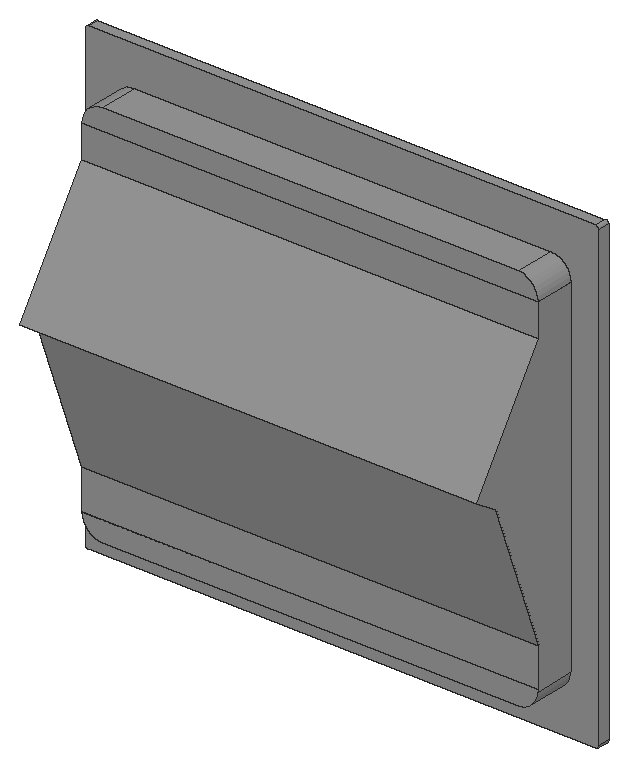
Revit family "L&L_LUCE&LIGHT_PASITO_1.1", category Lighting Fixtures, host Wall, Revit 2018 (continued)
Types (2, lengths in mm): name | built-in parameter 1150142 | Photometric Web File
    2.59 2.44 2.33 2.24 2.14 2.04 1.94 \r\n1.84 1.75 1.67 1.59 1.52 1.46 1.39 1.33 1.28 1.23 1.19 \r\n1.16 1.12 1.08 1.04 1.01 0.97 0.94 0.91 0.88 0.84 0.81 \r\n0.78 0.76 0.73 0.70 0.68 0.65 0.62 0.60 0.58 0.56 0.53 \r\n0.51 0.49 0.47 0.45 0.43 0.41 0.40 0.38 0.36 0.34 0.33 \r\n0.31 0.29 0.28 0.26 0.25 0.24 0.22 0.21 0.20 0.19 0.17 \r\n0.16 0.15 0.14 0.13 0.12 0.11 0.10 0.09 0.09 0.08 0.07 \r\n0.07 0.06 0.06 0.05 0.05 0.04 0.04 0.03 0.03 0.02 0.02 \r\n0.01 0.01 0.01 \r\n0.00 0.00 0.01 0.02 0.06 0.10 0.15 0.17 0.21 0.27 0.34 \r\n0.43 0.53 0.65 0.78 0.95 1.11 1.28 1.62 1.92 2.96 12.61 \r\n36.43 55.18 61.98 66.03 69.90 73.85 78.05 81.52 83.89 \r\n85.64 86.64 86.95 87.89 89.88 91.83 93.42 95.16 96.83 \r\n98.45 100.56 103.21 105.91 108.68 111.80 114.75 117.33 \r\n120.09 123.25 126.68 130.21 133.78 137.26 140.42 143.29 \r\n145.96 148.47 150.99 153.63 156.39 159.19 161.89 164.48 \r\n167.08 169.86 172.84 175.86 178.72 181.22 183.32 184.99 \r\n186.36 187.52 188.63 189.59 189.27 185.61 176.91 160.98 \r\n138.82 112.64 85.33 59.70 37.66 20.20 8.40 6.08 5.15 4.26 \r\n3.39 3.21 3.04 2.86 2.67 2.48 2.35 2.25 2.18 2.11 2.00 \r\n1.87 1.74 1.65 1.57 1.50 1.44 1.38 1.32 1.27 1.22 1.18 \r\n1.14 1.10 1.06 1.03 0.99 0.96 0.92 0.89 0.85 0.82 0.79 \r\n0.76 0.73 0.71 0.68 0.65 0.63 0.60 0.58 0.55 0.53 0.51 \r\n0.49 0.46 0.44 0.43 0.41 0.39 0.37 0.35 0.34 0.32 0.30 \r\n0.29 0.27 0.26 0.24 0.23 0.22 0.21 0.19 0.18 0.17 0.16 \r\n0.15 0.14 0.13 0.12 0.11 0.10 0.09 0.09 0.08 0.07 0.07 \r\n0.06 0.05 0.05 0.05 0.04 0.04 0.03 0.03 0.02 0.02 0.01 \r\n0.01 0.01 0.01 \r\n0.00 0.00 0.00 0.02 0.04 0.08 0.12 0.16 0.18 0.21 0.27 \r\n0.34 0.41 0.51 0.61 0.73 0.88 1.05 1.17 1.36 1.67 1.93 \r\n3.12 7.07 29.26 54.62 65.25 69.42 73.13 77.44 81.72 85.48 \r\n88.22 90.20 91.80 92.69 93.14 94.26 96.14 98.11 100.01 \r\n102.13 104.59 107.14 110.09 113.74 117.79 121.91 126.00 \r\n130.01 133.83 137.25 140.74 144.66 148.79 152.85 156.65 \r\n160.25 163.66 166.87 169.79 172.42 174.89 177.45 180.27 \r\n183.37 186.69 190.19 193.89 197.71 201.33 204.56 207.40 \r\n210.11 212.90 215.49 216.92 215.97 211.52 202.09 187.09 \r\n166.19 139.32 108.14 76.25 47.46 25.88 15.85 9.39 5.64 \r\n3.55 3.35 3.14 2.94 2.74 2.59 2.44 2.29 2.14 1.98 1.86 \r\n1.78 1.71 1.63 1.55 1.47 1.41 1.35 1.29 1.25 1.21 1.17 \r\n1.13 1.09 1.04 1.01 0.97 0.93 0.90 0.86 0.83 0.80 0.77 \r\n0.73 0.70 0.67 0.65 0.62 0.59 0.57 0.54 0.52 0.50 0.48 \r\n0.45 0.43 0.41 0.39 0.38 0.36 0.34 0.32 0.31 0.29 0.28 \r\n0.26 0.25 0.23 0.22 0.21 0.20 0.18 0.17 0.16 0.15 0.14 \r\n0.13 0.12 0.12 0.11 0.10 0.09 0.08 0.08 0.07 0.06 0.06 \r\n0.05 0.05 0.04 0.04 0.04 0.03 0.03 0.02 0.02 0.02 0.01 \r\n0.01 0.01 0.01 \r\n0.00 0.00 0.00 0.01 0.03 0.06 0.10 0.13 0.16 0.18 0.20 \r\n0.25 0.31 0.38 0.46 0.55 0.64 0.75 0.89 1.06 1.19 1.35 \r\n1.54 1.79 2.19 4.32 12.30 29.03 52.23 69.37 74.58 78.92 \r\n82.44 86.27 90.12 93.51 96.18 98.40 100.21 101.40 102.67 \r\n104.67 107.22 109.83 112.59 115.73 119.29 123.15 127.25 \r\n131.67 136.44 141.36 146.16 150.79 155.11 159.24 163.23 \r\n167.14 170.98 174.58 177.90 181.02 184.01 187.04 190.06 \r\n193.19 196.56 200.48 205.19 210.79 216.86 223.13 229.11 \r\n234.59 239.57 244.23 248.83 253.75 258.31 259.84 255.33 \r\n241.17 215.24 179.66 139.29 99.56 68.62 48.28 30.40 15.54 \r\n4.26 3.91 3.57 3.22 2.86 2.64 2.47 2.31 2.14 2.01 1.92 \r\n1.81 1.69 1.58 1.51 1.44 1.38 1.33 1.26 1.20 1.16 1.13 \r\n1.10 1.06 1.03 0.98 0.94 0.90 0.86 0.82 0.79 0.76 0.72 \r\n0.69 0.66 0.63 0.60 0.57 0.55 0.52 0.50 0.48 0.46 0.43 \r\n0.41 0.39 0.37 0.36 0.34 0.32 0.31 0.29 0.27 0.26 0.25 \r\n0.23 0.22 0.21 0.19 0.18 0.17 0.16 0.15 0.14 0.13 0.12 \r\n0.11 0.11 0.10 0.09 0.09 0.08 0.07 0.07 0.06 0.06 0.05 \r\n0.05 0.04 0.04 0.03 0.03 0.03 0.03 0.02 0.02 0.02 0.01 \r\n0.01 0.01 0.01 \r\n0.00 0.00 0.00 0.01 0.02 0.03 0.06 0.10 0.13 0.15 0.17 \r\n0.19 0.22 0.27 0.33 0.39 0.46 0.54 0.63 0.72 0.82 0.95 \r\n1.09 1.25 1.39 1.53 1.72 2.04 2.81 3.98 12.77 32.24 57.58 \r\n73.94 82.50 86.49 90.06 94.03 98.29 102.31 105.73 108.74 \r\n111.52 113.97 116.18 118.30 120.98 124.19 127.59 131.24 \r\n135.30 139.78 144.42 148.98 153.63 158.59 163.95 169.38 \r\n174.61 179.06 183.01 186.69 190.47 194.76 199.62 204.96 \r\n210.82 217.30 224.47 232.27 240.54 249.25 258.40 267.88 \r\n277.91 288.70 300.35 312.93 325.07 334.28 337.93 332.88 \r\n317.29 291.76 257.67 216.69 170.59 122.89 77.80 39.30 \r\n11.24 9.43 7.63 5.82 3.97 2.85 2.63 2.40 2.18 1.95 1.85 \r\n1.75 1.65 1.55 1.47 1.41 1.36 1.30 1.25 1.18 1.13 1.09 \r\n1.06 1.02 0.99 0.94 0.89 0.85 0.81 0.77 0.73 0.70 0.67 \r\n0.63 0.60 0.57 0.55 0.52 0.49 0.47 0.45 0.42 0.40 0.38 \r\n0.36 0.34 0.33 0.31 0.29 0.28 0.26 0.25 0.24 0.22 0.21 \r\n0.20 0.19 0.18 0.17 0.15 0.14 0.14 0.13 0.12 0.11 0.10 \r\n0.10 0.09 0.08 0.08 0.07 0.07 0.06 0.06 0.05 0.05 0.04 \r\n0.04 0.03 0.03 0.03 0.03 0.02 0.02 0.02 0.02 0.01 0.01 \r\n0.01 0.01 0.01 \r\n0.00 0.00 0.00 0.00 0.01 0.02 0.03 0.06 0.08 0.11 0.14 \r\n0.16 0.18 0.20 0.22 0.25 0.30 0.35 0.41 0.48 0.55 0.62 \r\n0.71 0.80 0.89 1.02 1.15 1.28 1.43 1.59 1.76 1.96 2.29 \r\n2.94 4.12 10.92 25.62 49.00 70.96 86.62 95.18 100.37 \r\n104.01 107.62 112.06 116.29 120.16 123.60 126.94 130.43 \r\n133.62 136.80 140.31 144.13 148.06 152.02 156.06 160.35 \r\n165.13 170.62 176.77 183.42 190.44 197.71 205.32 213.37 \r\n221.98 231.46 242.01 253.51 265.88 278.80 291.93 305.54 \r\n320.57 338.11 359.37 384.98 413.85 444.11 473.84 501.15 \r\n522.38 531.30 522.18 489.34 428.55 345.90 253.78 164.65 \r\n90.85 60.01 36.59 19.59 8.03 2.55 2.38 2.21 2.04 1.87 \r\n1.75 1.67 1.59 1.50 1.42 1.36 1.31 1.26 1.21 1.15 1.11 \r\n1.06 1.01 0.96 0.90 0.86 0.82 0.78 0.73 0.70 0.66 0.63 \r\n0.59 0.56 0.53 0.50 0.47 0.45 0.42 0.40 0.38 0.36 0.34 \r\n0.32 0.31 0.29 0.27 0.26 0.24 0.23 0.22 0.20 0.19 0.18 \r\n0.17 0.16 0.15 0.14 0.13 0.12 0.12 0.11 0.10 0.10 0.09 \r\n0.08 0.08 0.07 0.07 0.06 0.06 0.05 0.05 0.05 0.04 0.04 \r\n0.03 0.03 0.03 0.03 0.02 0.02 0.02 0.02 0.02 0.01 0.01 \r\n0.01 0.01 0.01 0.01 \r\n0.00 0.00 0.00 0.00 0.00 0.01 0.01 0.02 0.04 0.06 0.08 \r\n0.10 0.13 0.15 0.17 0.19 0.21 0.23 0.25 0.27 0.30 0.35 \r\n0.40 0.46 0.52 0.59 0.65 0.73 0.81 0.90 1.00 1.13 1.25 \r\n1.37 1.48 1.58 1.72 1.88 2.05 2.23 2.43 2.63 2.84 5.31 \r\n6.77 7.57 9.16 11.09 14.84 18.89 20.59 21.84 23.04 22.08 \r\n22.65 25.12 27.49 31.89 37.86 42.51 45.97 52.16 60.35 \r\n68.81 77.79 88.60 101.75 116.98 134.62 154.94 175.85 \r\n199.82 228.39 262.10 300.96 344.50 388.89 432.42 472.70 \r\n506.51 531.00 543.85 544.19 531.63 505.34 464.19 407.65 \r\n339.69 266.65 195.22 132.30 91.47 57.87 31.60 12.71 2.32 \r\n2.19 2.05 1.91 1.77 1.66 1.59 1.52 1.45 1.38 1.31 1.25 \r\n1.19 1.13 1.07 1.02 0.97 0.91 0.84 0.78 0.74 0.69 0.65 \r\n0.61 0.57 0.54 0.51 0.48 0.45 0.42 0.40 0.38 0.35 0.33 \r\n0.32 0.30 0.28 0.27 0.25 0.24 0.22 0.21 0.20 0.18 0.17 \r\n0.16 0.15 0.15 0.14 0.13 0.12 0.11 0.11 0.10 0.09 0.09 \r\n0.08 0.08 0.07 0.07 0.06 0.06 0.05 0.05 0.05 0.04 0.04 \r\n0.04 0.03 0.03 0.03 0.03 0.02 0.02 0.02 0.02 0.02 0.02 \r\n0.01 0.01 0.01 0.01 0.01 0.01 0.01 0.01 \r\n0.00 0.00 0.00 0.00 0.00 0.00 0.00 0.01 0.01 0.01 0.02 \r\n0.03 0.04 0.06 0.08 0.09 0.11 0.13 0.15 0.17 0.19 0.21 \r\n0.23 0.25 0.28 0.30 0.32 0.35 0.38 0.41 0.46 0.52 0.58 \r\n0.66 0.74 0.81 0.89 0.95 1.02 1.09 1.17 1.24 1.31 1.38 \r\n1.46 1.55 1.64 1.74 1.84 1.93 2.01 2.09 2.18 2.27 2.36 \r\n2.45 2.54 2.63 2.70 2.77 2.82 2.86 2.90 2.93 2.96 2.99 \r\n3.02 3.06 3.09 3.12 3.15 3.16 3.16 3.15 3.14 3.12 3.11 \r\n3.10 3.09 3.07 3.06 3.02 2.99 2.94 2.90 2.85 2.79 2.73 \r\n2.65 2.56 2.46 2.34 2.21 2.09 1.96 1.85 1.76 1.69 1.62 \r\n1.56 1.49 1.43 1.36 1.28 1.21 1.13 1.06 0.98 0.91 0.85 \r\n0.79 0.73 0.68 0.63 0.58 0.54 0.51 0.47 0.44 0.41 0.38 \r\n0.36 0.34 0.31 0.29 0.28 0.26 0.24 0.23 0.21 0.20 0.19 \r\n0.18 0.17 0.16 0.15 0.14 0.13 0.12 0.12 0.11 0.10 0.10 \r\n0.09 0.09 0.08 0.08 0.07 0.07 0.06 0.06 0.06 0.05 0.05 \r\n0.04 0.04 0.04 0.04 0.03 0.03 0.03 0.03 0.03 0.02 0.02 \r\n0.02 0.02 0.02 0.01 0.01 0.01 0.01 0.01 0.01 0.01 0.01 \r\n0.01 0.01 0.01 0.01 0.01 \r\n0.00 0.00 0.00 0.00 0.00 0.00 0.00 0.00 0.00 0.00 0.00 \r\n0.01 0.01 0.01 0.01 0.02 0.02 0.02 0.03 0.03 0.04 0.05 \r\n0.06 0.07 0.08 0.09 0.11 0.12 0.14 0.16 0.17 0.19 0.21 \r\n0.24 0.26 0.28 0.30 0.32 0.35 0.37 0.40 0.42 0.45 0.49 \r\n0.52 0.56 0.59 0.63 0.67 0.72 0.76 0.81 0.87 0.92 0.97 \r\n1.03 1.09 1.15 1.21 1.28 1.34 1.41 1.47 1.53 1.59 1.64 \r\n1.68 1.72 1.75 1.78 1.79 1.80 1.81 1.81 1.80 1.79 1.79 \r\n1.78 1.77 1.75 1.74 1.72 1.70 1.68 1.65 1.63 1.60 1.57 \r\n1.54 1.50 1.47 1.44 1.40 1.37 1.33 1.29 1.25 1.20 1.14 \r\n1.08 1.02 0.94 0.87 0.80 0.73 0.66 0.60 0.55 0.51 0.47 \r\n0.43 0.40 0.36 0.33 0.31 0.28 0.26 0.24 0.22 0.21 0.20 \r\n0.18 0.17 0.16 0.15 0.14 0.13 0.12 0.12 0.11 0.10 0.10 \r\n0.09 0.08 0.08 0.07 0.07 0.07 0.06 0.06 0.05 0.05 0.05 \r\n0.05 0.04 0.04 0.04 0.04 0.03 0.03 0.03 0.03 0.03 0.02 \r\n0.02 0.02 0.02 0.02 0.02 0.02 0.02 0.01 0.01 0.01 0.01 \r\n0.01 0.01 0.01 0.01 0.01 0.01 0.01 0.01 0.01 0.01 0.01 \r\n0.01 0.01 0.01 0.01 0.01 \r\n0.00 0.00 0.00 0.00 0.00 0.00 0.00 0.00 0.00 0.00 0.00 \r\n0.00 0.00 0.00 0.00 0.00 0.00 0.00 0.00 0.00 0.00 0.00 \r\n0.00 0.00 0.00 0.00 0.00 0.00 0.00 0.00 0.00 0.00 0.00 \r\n0.00 0.00 0.00 0.00 0.00 0.00 0.00 0.00 0.00 0.00 0.00 \r\n0.00 0.00 0.00 0.00 0.00 0.00 0.00 0.00 0.00 0.00 0.00 \r\n0.00 0.00 0.00 0.00 0.00 0.00 0.00 0.00 0.00 0.00 0.00 \r\n0.00 0.00 0.00 0.00 0.00 0.00 0.00 0.00 0.01 0.01 0.01 \r\n0.01 0.01 0.01 0.01 0.01 0.01 0.01 0.01 0.01 0.02 0.02 \r\n0.02 0.02 0.02 0.02 0.03 0.03 0.03 0.03 0.03 0.03 0.03 \r\n0.03 0.03 0.03 0.03 0.03 0.03 0.03 0.03 0.03 0.03 0.03 \r\n0.03 0.03 0.02 0.02 0.02 0.02 0.02 0.02 0.01 0.01 0.01 \r\n0.01 0.01 0.01 0.01 0.01 0.01 0.01 0.01 0.01 0.01 0.01 \r\n0.01 0.01 0.01 0.01 0.01 0.01 0.01 0.01 0.01 0.01 0.01 \r\n0.01 0.01 0.01 0.01 0.01 0.00 0.00 0.00 0.00 0.00 0.00 \r\n0.00 0.00 0.00 0.00 0.00 0.00 0.00 0.00 0.00 0.00 0.00 \r\n0.00 0.00 0.00 0.00 0.00 0.00 0.00 0.00 0.00 0.00 0.00 \r\n0.00 0.01 0.01 0.01 0.01 \r\n" | "PASITO 1.1 AT 150°x90° [2700K 8.5W 24Vdc] cor-ten.IES"
